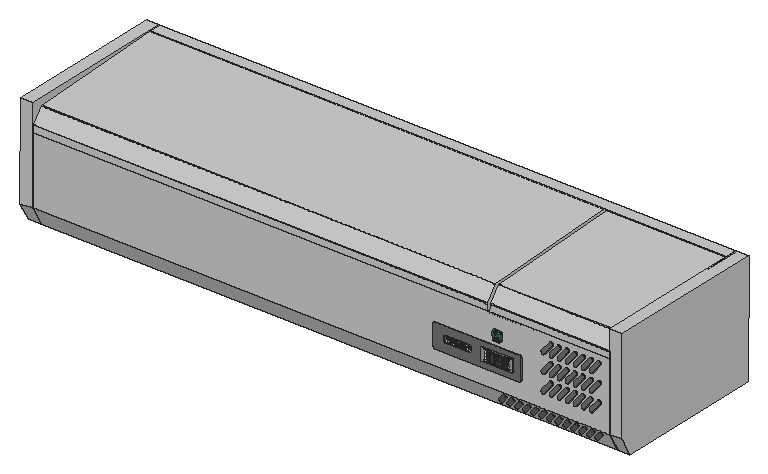
Revit family "QF_BLIZZARD_TOP1500EN", category Specialty Equipment, Revit 2016
Family settings
  Part Type = Normal
  Round Connector Dimension = Use Diameter
  OmniClass Number = 23.40.40.14
  OmniClass Title = Food Service Equipment
  Work Plane-Based = No
  Always vertical = Yes
  Cut with Voids When Loaded = No
  Shared = No
  Room Calculation Point = No
Parameters (values of type "TOP1500EN")
  URL = "www.blizzardequipment.com"
  Show Logo [instance] = yes
  Show Clearance [instance] = yes
  Model = "TOP1500EN"
  Manufacturer = "BLIZZARD"
  Description = "1/3 GASTRONORM PREP TOP WITH HINGED LID 1500MM"
  Assembly Code = "E1090320"
Reference planes
  plane 1 "Back": y = 0
  plane 2: z = 0
  plane 3 "Left": x = 0
  plane 4 "Right": x = 1500
  plane 5 "Front": y = -395
  plane 6 "Top": z = 281
Forms (mm)
  Extrusion 1, solid
    sketch origin (0, -4, -8) x (0, 1, 0) y (0, 0, 1)
      loop
        line (-391, 53) -> (-366, 8) -> (2.955, 8)
        arc (2.955, 8) -> (3.694, 8.306) -> (4, 9.045) r 1.045
        line (4, 9.045) -> (4, 289) -> (-391, 289) -> (-391, 53)
    from 0 to 30
  Extrusion 2, solid
    sketch origin (1470, -4, -8) x (0, 1, 0) y (0, 0, 1)
      loop
        line (-391, 53) -> (-366, 8) -> (2.955, 8)
        arc (2.955, 8) -> (3.694, 8.306) -> (4, 9.045) r 1.045
        line (4, 9.045) -> (4, 289) -> (-391, 289) -> (-391, 53)
    from 0 to 30
  Extrusion 3, solid
    sketch origin (-580, -4, -8) x (0, 1, 0) y (0, 0, 1)
      loop
        line (-391, 53) -> (-366, 8) -> (2.955, 8)
        arc (2.955, 8) -> (3.694, 8.306) -> (4, 9.045) r 1.045
        line (4, 9.045) -> (4, 289) -> (-26, 289) -> (-26, 38) -> (-348.348, 38) -> (-361, 60.774) -> (-361, 221.193) -> (-391, 221.193) -> (-391, 53)
    from 610 to 2050
  Extrusion 4, solid
    sketch origin (290, -393.5, -8.948) x (1, 0, 0) y (0, 0, 1)
      loop
        line (1030, 207.338) -> (1011.08, 183.441)
        arc (1011.08, 183.441) -> (1011.896, 176.418) -> (1018.92, 177.234) r 5
        line (1018.92, 177.234) -> (1037.84, 201.13)
        arc (1037.84, 201.13) -> (1037.024, 208.154) -> (1030, 207.338) r 5
      loop
        line (1050, 207.338) -> (1031.08, 183.441)
        arc (1031.08, 183.441) -> (1031.896, 176.418) -> (1038.92, 177.234) r 5
        line (1038.92, 177.234) -> (1057.84, 201.13)
        arc (1057.84, 201.13) -> (1057.024, 208.154) -> (1050, 207.338) r 5
      loop
        line (1070, 207.338) -> (1051.08, 183.441)
        arc (1051.08, 183.441) -> (1051.896, 176.418) -> (1058.92, 177.234) r 5
        line (1058.92, 177.234) -> (1077.84, 201.13)
        arc (1077.84, 201.13) -> (1077.024, 208.154) -> (1070, 207.338) r 5
      loop
        line (1090, 207.338) -> (1071.08, 183.441)
        arc (1071.08, 183.441) -> (1071.896, 176.418) -> (1078.92, 177.234) r 5
        line (1078.92, 177.234) -> (1097.84, 201.13)
        arc (1097.84, 201.13) -> (1097.024, 208.154) -> (1090, 207.338) r 5
      loop
        line (1110, 207.338) -> (1091.08, 183.441)
        arc (1091.08, 183.441) -> (1091.896, 176.418) -> (1098.92, 177.234) r 5
        line (1098.92, 177.234) -> (1117.84, 201.13)
        arc (1117.84, 201.13) -> (1117.024, 208.154) -> (1110, 207.338) r 5
      loop
        line (1130, 207.338) -> (1111.08, 183.441)
        arc (1111.08, 183.441) -> (1111.896, 176.418) -> (1118.92, 177.234) r 5
        line (1118.92, 177.234) -> (1137.84, 201.13)
        arc (1137.84, 201.13) -> (1137.024, 208.154) -> (1130, 207.338) r 5
      loop
        line (1150, 207.338) -> (1131.08, 183.441)
        arc (1131.08, 183.441) -> (1131.896, 176.418) -> (1138.92, 177.234) r 5
        line (1138.92, 177.234) -> (1157.84, 201.13)
        arc (1157.84, 201.13) -> (1157.024, 208.154) -> (1150, 207.338) r 5
      loop
        line (1030, 163.441) -> (1011.08, 139.545)
        arc (1011.08, 139.545) -> (1011.896, 132.521) -> (1018.92, 133.338) r 5
        line (1018.92, 133.338) -> (1037.84, 157.234)
        arc (1037.84, 157.234) -> (1037.024, 164.258) -> (1030, 163.441) r 5
      loop
        line (1050, 163.441) -> (1031.08, 139.545)
        arc (1031.08, 139.545) -> (1031.896, 132.521) -> (1038.92, 133.338) r 5
        line (1038.92, 133.338) -> (1057.84, 157.234)
        arc (1057.84, 157.234) -> (1057.024, 164.258) -> (1050, 163.441) r 5
      loop
        line (1070, 163.441) -> (1051.08, 139.545)
        arc (1051.08, 139.545) -> (1051.896, 132.521) -> (1058.92, 133.338) r 5
        line (1058.92, 133.338) -> (1077.84, 157.234)
        arc (1077.84, 157.234) -> (1077.024, 164.258) -> (1070, 163.441) r 5
      loop
        line (1090, 163.441) -> (1071.08, 139.545)
        arc (1071.08, 139.545) -> (1071.896, 132.521) -> (1078.92, 133.338) r 5
        line (1078.92, 133.338) -> (1097.84, 157.234)
        arc (1097.84, 157.234) -> (1097.024, 164.258) -> (1090, 163.441) r 5
      loop
        line (1110, 163.441) -> (1091.08, 139.545)
        arc (1091.08, 139.545) -> (1091.896, 132.521) -> (1098.92, 133.338) r 5
        line (1098.92, 133.338) -> (1117.84, 157.234)
        arc (1117.84, 157.234) -> (1117.024, 164.258) -> (1110, 163.441) r 5
      loop
        line (1130, 163.441) -> (1111.08, 139.545)
        arc (1111.08, 139.545) -> (1111.896, 132.521) -> (1118.92, 133.338) r 5
        line (1118.92, 133.338) -> (1137.84, 157.234)
        arc (1137.84, 157.234) -> (1137.024, 164.258) -> (1130, 163.441) r 5
      loop
        line (1150, 163.441) -> (1131.08, 139.545)
        arc (1131.08, 139.545) -> (1131.896, 132.521) -> (1138.92, 133.338) r 5
        line (1138.92, 133.338) -> (1157.84, 157.234)
        arc (1157.84, 157.234) -> (1157.024, 164.258) -> (1150, 163.441) r 5
      loop
        line (1030, 119.663) -> (1011.08, 95.767)
        arc (1011.08, 95.767) -> (1011.896, 88.743) -> (1018.92, 89.559) r 5
        line (1018.92, 89.559) -> (1037.84, 113.456)
        arc (1037.84, 113.456) -> (1037.024, 120.479) -> (1030, 119.663) r 5
      loop
        line (1050, 119.663) -> (1031.08, 95.767)
        arc (1031.08, 95.767) -> (1031.896, 88.743) -> (1038.92, 89.559) r 5
        line (1038.92, 89.559) -> (1057.84, 113.456)
        arc (1057.84, 113.456) -> (1057.024, 120.479) -> (1050, 119.663) r 5
      loop
        line (1070, 119.663) -> (1051.08, 95.767)
        arc (1051.08, 95.767) -> (1051.896, 88.743) -> (1058.92, 89.559) r 5
        line (1058.92, 89.559) -> (1077.84, 113.456)
        arc (1077.84, 113.456) -> (1077.024, 120.479) -> (1070, 119.663) r 5
      loop
        line (1090, 119.663) -> (1071.08, 95.767)
        arc (1071.08, 95.767) -> (1071.896, 88.743) -> (1078.92, 89.559) r 5
        line (1078.92, 89.559) -> (1097.84, 113.456)
        arc (1097.84, 113.456) -> (1097.024, 120.479) -> (1090, 119.663) r 5
      loop
        line (1110, 119.663) -> (1091.08, 95.767)
        arc (1091.08, 95.767) -> (1091.896, 88.743) -> (1098.92, 89.559) r 5
        line (1098.92, 89.559) -> (1117.84, 113.456)
        arc (1117.84, 113.456) -> (1117.024, 120.479) -> (1110, 119.663) r 5
      loop
        line (1130, 119.663) -> (1111.08, 95.767)
        arc (1111.08, 95.767) -> (1111.896, 88.743) -> (1118.92, 89.559) r 5
        line (1118.92, 89.559) -> (1137.84, 113.456)
        arc (1137.84, 113.456) -> (1137.024, 120.479) -> (1130, 119.663) r 5
      loop
        line (1150, 119.663) -> (1131.08, 95.767)
        arc (1131.08, 95.767) -> (1131.896, 88.743) -> (1138.92, 89.559) r 5
        line (1138.92, 89.559) -> (1157.84, 113.456)
        arc (1157.84, 113.456) -> (1157.024, 120.479) -> (1150, 119.663) r 5
    from 0 to 2
  Extrusion 5, solid
    sketch origin (1148, 205.936, 313.02) x (0, -0.34202, 0.939693) y (0, -0.939693, -0.34202)
      loop
        line (10.308, 247.326) -> (50.606, 232.659) -> (149.332, 555.577)
        arc (149.332, 555.577) -> (149.387, 556.194) -> (149.187, 556.781) r 1.501
        line (149.187, 556.781) -> (128.527, 591.598)
        arc (128.527, 591.598) -> (128.102, 592.105) -> (127.538, 592.449) r 2.032
        line (127.538, 592.449) -> (111.726, 598.838) -> (109.154, 591.772) -> (109.731, 567.639) -> (10.308, 247.326)
    from 24 to 322
  Extrusion 6, solid
    sketch origin (750.536, -393.5, -1719.361) x (1, 0, 0) y (0, 0, 1)
      loop
        arc (285, 1864.135) -> (281.464, 1862.671) -> (280, 1859.135) r 5
        line (280, 1859.135) -> (280, 1809.135)
        arc (280, 1809.135) -> (281.464, 1805.6) -> (285, 1804.135) r 5
        line (285, 1804.135) -> (494.464, 1804.135)
        arc (494.464, 1804.135) -> (498, 1805.6) -> (499.464, 1809.135) r 5
        line (499.464, 1809.135) -> (499.464, 1859.135)
        arc (499.464, 1859.135) -> (498, 1862.671) -> (494.464, 1864.135) r 5
        line (494.464, 1864.135) -> (285, 1864.135)
    from 0 to 2
  Extrusion 7, solid
    sketch origin (892.5, -393.5, -693.976) x (1, 0, 0) y (0, 0, 1)
      loop
        arc (260.5, 825) -> (258.379, 824.121) -> (257.5, 822) r 3
        line (257.5, 822) -> (257.5, 795.5)
        arc (257.5, 795.5) -> (258.379, 793.379) -> (260.5, 792.5) r 3
        line (260.5, 792.5) -> (334.5, 792.5)
        arc (334.5, 792.5) -> (336.621, 793.379) -> (337.5, 795.5) r 3
        line (337.5, 795.5) -> (337.5, 822)
        arc (337.5, 822) -> (336.621, 824.121) -> (334.5, 825) r 3
        line (334.5, 825) -> (260.5, 825)
    from 0 to 4
  Extrusion 8, solid
    sketch origin (892.5, -396.5, -683.976) x (1, 0, 0) y (0, 0, 1)
      loop
        arc (278, 812.5) -> (275.879, 811.621) -> (275, 809.5) r 3
        line (275, 809.5) -> (275, 788)
        arc (275, 788) -> (275.879, 785.879) -> (278, 785) r 3
        line (278, 785) -> (317, 785)
        arc (317, 785) -> (319.121, 785.879) -> (320, 788) r 3
        line (320, 788) -> (320, 809.5)
        arc (320, 809.5) -> (319.121, 811.621) -> (317, 812.5) r 3
        line (317, 812.5) -> (278, 812.5)
    from 0 to 2
  Extrusion 9, solid
    sketch origin (893.951, -397, -684.476) x (1, 0, 0) y (0, 0, 1)
      loop
        line (278.549, 800.5) -> (280.549, 800.5) -> (280.549, 809) -> (278.549, 809) -> (278.549, 800.5)
      loop
        line (278.549, 789) -> (280.549, 789) -> (280.549, 797) -> (278.549, 797) -> (278.549, 789)
      loop
        line (281.049, 811.5) -> (281.049, 809.5) -> (291.049, 809.5) -> (291.049, 811.5) -> (281.049, 811.5)
      loop
        line (293.549, 800.5) -> (293.549, 809) -> (291.549, 809) -> (291.549, 800.5) -> (293.549, 800.5)
      loop
        line (293.549, 789) -> (293.549, 797) -> (291.549, 797) -> (291.549, 789) -> (293.549, 789)
      loop
        line (281.049, 786.5) -> (291.049, 786.5) -> (291.049, 788.5) -> (281.049, 788.5) -> (281.049, 786.5)
      loop
        line (298.549, 800.5) -> (300.549, 800.5) -> (300.549, 809) -> (298.549, 809) -> (298.549, 800.5)
      loop
        line (301.049, 811.5) -> (301.049, 809.5) -> (311.049, 809.5) -> (311.049, 811.5) -> (301.049, 811.5)
      loop
        line (313.549, 800.5) -> (313.549, 809) -> (311.549, 809) -> (311.549, 800.5) -> (313.549, 800.5)
      loop
        line (313.549, 789) -> (313.549, 797) -> (311.549, 797) -> (311.549, 789) -> (313.549, 789)
      loop
        line (301.049, 798) -> (311.049, 798) -> (311.049, 800) -> (301.049, 800) -> (301.049, 798)
      loop
        line (301.049, 786.5) -> (311.049, 786.5) -> (311.049, 788.5) -> (301.049, 788.5) -> (301.049, 786.5)
      loop
        line (297.049, 786.5) -> (297.049, 788.5) -> (295.049, 788.5) -> (295.049, 786.5) -> (297.049, 786.5)
    from 0 to 2
  Extrusion 10, solid
    sketch origin (865.5, -396, -1688.976) x (1, 0, 0) y (0, 0, 1)
      loop
        arc (300, 1815) -> (299.121, 1817.121) -> (297, 1818) r 3
        line (297, 1818) -> (292, 1818) -> (292, 1816) -> (297, 1816)
        arc (297, 1816) -> (297.707, 1815.707) -> (298, 1815) r 1
        line (298, 1815) -> (298, 1811.5) -> (295, 1811.5) -> (295, 1809.5) -> (298, 1809.5) -> (298, 1805) -> (295, 1805) -> (295, 1803) -> (298, 1803) -> (298, 1798.5) -> (295, 1798.5) -> (295, 1796.5) -> (298, 1796.5) -> (298, 1793)
        arc (298, 1793) -> (297.707, 1792.293) -> (297, 1792) r 1
        line (297, 1792) -> (292, 1792) -> (292, 1790) -> (297, 1790)
        arc (297, 1790) -> (299.121, 1790.879) -> (300, 1793) r 3
        line (300, 1793) -> (300, 1815)
      loop
        line (349, 1815) -> (349, 1793)
        arc (349, 1793) -> (349.879, 1790.879) -> (352, 1790) r 3
        line (352, 1790) -> (357, 1790) -> (357, 1792) -> (352, 1792)
        arc (352, 1792) -> (351.293, 1792.293) -> (351, 1793) r 1
        line (351, 1793) -> (351, 1796.5) -> (354, 1796.5) -> (354, 1798.5) -> (351, 1798.5) -> (351, 1803) -> (354, 1803) -> (354, 1805) -> (351, 1805) -> (351, 1809.5) -> (354, 1809.5) -> (354, 1811.5) -> (351, 1811.5) -> (351, 1815)
        arc (351, 1815) -> (351.293, 1815.707) -> (352, 1816) r 1
        line (352, 1816) -> (357, 1816) -> (357, 1818) -> (352, 1818)
        arc (352, 1818) -> (349.879, 1817.121) -> (349, 1815) r 3
    from 0 to 2
  Extrusion 11, solid
    sketch origin (6, 205.936, 313.02) x (0, -0.34202, 0.939693) y (0, -0.939693, -0.34202)
      loop
        line (10.308, 247.326) -> (50.606, 232.659) -> (149.332, 555.577)
        arc (149.332, 555.577) -> (149.387, 556.194) -> (149.187, 556.781) r 1.501
        line (149.187, 556.781) -> (128.527, 591.598)
        arc (128.527, 591.598) -> (128.102, 592.105) -> (127.538, 592.449) r 2.032
        line (127.538, 592.449) -> (111.726, 598.838) -> (109.154, 591.772) -> (109.731, 567.639) -> (10.308, 247.326)
    from 24 to 1159
  Extrusion 12, solid
    sketch origin (290, -288.186, -144.176) x (1, 0, 0) y (0, -0.485643, 0.874157)
      loop
        line (1030, 207.338) -> (1011.08, 183.441)
        arc (1011.08, 183.441) -> (1011.896, 176.418) -> (1018.92, 177.234) r 5
        line (1018.92, 177.234) -> (1037.84, 201.13)
        arc (1037.84, 201.13) -> (1037.024, 208.154) -> (1030, 207.338) r 5
      loop
        line (1050, 207.338) -> (1031.08, 183.441)
        arc (1031.08, 183.441) -> (1031.896, 176.418) -> (1038.92, 177.234) r 5
        line (1038.92, 177.234) -> (1057.84, 201.13)
        arc (1057.84, 201.13) -> (1057.024, 208.154) -> (1050, 207.338) r 5
      loop
        line (1070, 207.338) -> (1051.08, 183.441)
        arc (1051.08, 183.441) -> (1051.896, 176.418) -> (1058.92, 177.234) r 5
        line (1058.92, 177.234) -> (1077.84, 201.13)
        arc (1077.84, 201.13) -> (1077.024, 208.154) -> (1070, 207.338) r 5
      loop
        line (1090, 207.338) -> (1071.08, 183.441)
        arc (1071.08, 183.441) -> (1071.896, 176.418) -> (1078.92, 177.234) r 5
        line (1078.92, 177.234) -> (1097.84, 201.13)
        arc (1097.84, 201.13) -> (1097.024, 208.154) -> (1090, 207.338) r 5
      loop
        line (1110, 207.338) -> (1091.08, 183.441)
        arc (1091.08, 183.441) -> (1091.896, 176.418) -> (1098.92, 177.234) r 5
        line (1098.92, 177.234) -> (1117.84, 201.13)
        arc (1117.84, 201.13) -> (1117.024, 208.154) -> (1110, 207.338) r 5
      loop
        line (1130, 207.338) -> (1111.08, 183.441)
        arc (1111.08, 183.441) -> (1111.896, 176.418) -> (1118.92, 177.234) r 5
        line (1118.92, 177.234) -> (1137.84, 201.13)
        arc (1137.84, 201.13) -> (1137.024, 208.154) -> (1130, 207.338) r 5
      loop
        line (1150, 207.338) -> (1131.08, 183.441)
        arc (1131.08, 183.441) -> (1131.896, 176.418) -> (1138.92, 177.234) r 5
        line (1138.92, 177.234) -> (1157.84, 201.13)
        arc (1157.84, 201.13) -> (1157.024, 208.154) -> (1150, 207.338) r 5
      loop
        line (910, 207.338) -> (891.08, 183.441)
        arc (891.08, 183.441) -> (891.896, 176.418) -> (898.92, 177.234) r 5
        line (898.92, 177.234) -> (917.84, 201.13)
        arc (917.84, 201.13) -> (917.024, 208.154) -> (910, 207.338) r 5
      loop
        line (930, 207.338) -> (911.08, 183.441)
        arc (911.08, 183.441) -> (911.896, 176.418) -> (918.92, 177.234) r 5
        line (918.92, 177.234) -> (937.84, 201.13)
        arc (937.84, 201.13) -> (937.024, 208.154) -> (930, 207.338) r 5
      loop
        line (950, 207.338) -> (931.08, 183.441)
        arc (931.08, 183.441) -> (931.896, 176.418) -> (938.92, 177.234) r 5
        line (938.92, 177.234) -> (957.84, 201.13)
        arc (957.84, 201.13) -> (957.024, 208.154) -> (950, 207.338) r 5
      loop
        line (970, 207.338) -> (951.08, 183.441)
        arc (951.08, 183.441) -> (951.896, 176.418) -> (958.92, 177.234) r 5
        line (958.92, 177.234) -> (977.84, 201.13)
        arc (977.84, 201.13) -> (977.024, 208.154) -> (970, 207.338) r 5
      loop
        line (990, 207.338) -> (971.08, 183.441)
        arc (971.08, 183.441) -> (971.896, 176.418) -> (978.92, 177.234) r 5
        line (978.92, 177.234) -> (997.84, 201.13)
        arc (997.84, 201.13) -> (997.024, 208.154) -> (990, 207.338) r 5
      loop
        line (1010, 207.338) -> (991.08, 183.441)
        arc (991.08, 183.441) -> (991.896, 176.418) -> (998.92, 177.234) r 5
        line (998.92, 177.234) -> (1017.84, 201.13)
        arc (1017.84, 201.13) -> (1017.024, 208.154) -> (1010, 207.338) r 5
    from 0 to 2
  Extrusion 13, solid
    sketch origin (1182.5, -384.999, -637.226) x (1, 0, 0) y (0, 0, 1)
      loop
        arc (3, 815) -> (0.879, 814.121) -> (0, 812) r 3
        line (0, 812) -> (0, 798)
        arc (0, 798) -> (0.879, 795.879) -> (3, 795) r 3
        line (3, 795) -> (12, 795)
        arc (12, 795) -> (14.121, 795.879) -> (15, 798) r 3
        line (15, 798) -> (15, 812)
        arc (15, 812) -> (14.121, 814.121) -> (12, 815) r 3
        line (12, 815) -> (3, 815)
    from 9.001 to 20
  Extrusion 14, void
    sketch origin (1180, 255.001, -637.226) x (0, 1, 0) y (0, 0, 1)
      loop
        line (-659.545, 817.359) -> (-661.721, 817.359) -> (-661.721, 793) -> (-653.921, 793) -> (-659.545, 817.359)
    from 0 to 20
  Extrusion 15, solid
    sketch origin (1182.5, -393, -637.226) x (1, 0, 0) y (0, 0, 1)
      loop
        arc (3, 818) -> (-1.243, 816.243) -> (-3, 812) r 6
        line (-3, 812) -> (-3, 798)
        arc (-3, 798) -> (-1.243, 793.757) -> (3, 792) r 6
        line (3, 792) -> (12, 792)
        arc (12, 792) -> (16.243, 793.757) -> (18, 798) r 6
        line (18, 798) -> (18, 812)
        arc (18, 812) -> (16.243, 816.243) -> (12, 818) r 6
        line (12, 818) -> (3, 818)
    from 0 to 4
  Extrusion 16, solid
    sketch origin (820.219, -220.033, -612.402) x (1, 0, 0) y (0, -0.224951, 0.97437)
      loop
        line (368.781, 810.281) -> (368.781, 805.281) -> (370.781, 805.281) -> (370.781, 810.281) -> (368.781, 810.281)
    from 0 to 2
  Extrusion 17, solid
    sketch origin (820.219, -216.884, -626.044) x (1, 0, 0) y (0, -0.224951, 0.97437)
      loop
        circle (369.781, 809.781) r 2.5
      loop
        circle (369.781, 809.781) r 3.5
    from 0 to 2
  Extrusion 18, solid, visible <- "Show Logo"
    sketch origin (1032.91, -393.7, -23.209) x (1, 0, 0) y (0, 0, 1)
      loop
        line (30.3, 133.137) -> (36.162, 133.137)
        arc (36.162, 133.137) -> (39.122, 134.994) -> (38.048, 138.319) r 2.844
        arc (38.048, 138.319) -> (38.838, 141.267) -> (36.338, 143.017) r 2.66
        line (36.338, 143.017) -> (31.338, 143.017) -> (30.3, 133.137)
      loop
        line (33.066, 135.126) -> (35.993, 135.126)
        arc (35.993, 135.126) -> (36.943, 136.076) -> (35.993, 137.026) r 0.95
        line (35.993, 137.026) -> (33.066, 137.026) -> (33.066, 135.126)
      loop
        line (33.528, 139.285) -> (36.147, 139.285)
        arc (36.147, 139.285) -> (36.994, 140.133) -> (36.147, 140.98) r 0.847
        line (36.147, 140.98) -> (33.528, 140.98) -> (33.528, 139.285)
      loop
        line (40.306, 133.137) -> (42.874, 133.137) -> (43.912, 143.017) -> (41.344, 143.017) -> (40.306, 133.137)
      loop
        line (45.174, 140.98) -> (47.749, 140.98) -> (47.964, 143.017) -> (45.389, 143.017) -> (45.174, 140.98)
      loop
        line (45.104, 140.313) -> (44.35, 133.137) -> (46.671, 133.137) -> (47.425, 140.313) -> (45.104, 140.313)
      loop
        line (48.314, 138.359) -> (51.196, 138.359) -> (47.765, 134.548) -> (47.765, 133.137) -> (54.184, 133.137) -> (54.393, 135.126) -> (51.213, 135.126) -> (54.657, 138.952) -> (54.657, 140.313) -> (48.519, 140.313) -> (48.314, 138.359)
      loop
        line (55.213, 138.359) -> (58.095, 138.359) -> (54.664, 134.548) -> (54.664, 133.137) -> (61.084, 133.137) -> (61.293, 135.126) -> (58.112, 135.126) -> (61.557, 138.952) -> (61.557, 140.313) -> (55.419, 140.313) -> (55.213, 138.359)
      loop
        arc (64.816, 137.983) -> (65.785, 138.952) -> (66.753, 137.983) r 0.969
        line (66.753, 137.983) -> (64.711, 137.436)
        arc (64.711, 137.436) -> (62.642, 134.297) -> (66.342, 133.633) r 2.251
        line (66.342, 133.633) -> (66.77, 132.921) -> (69.168, 132.921) -> (68.641, 134.052) -> (69.084, 138.274)
        arc (69.084, 138.274) -> (65.782, 140.567) -> (62.514, 138.225) r 3.488
        line (62.514, 138.225) -> (64.816, 137.983)
      loop
        line (69.848, 133.137) -> (72.232, 133.137) -> (72.59, 136.546)
        arc (72.59, 136.546) -> (73.413, 137.974) -> (75.025, 138.32) r 2.029
        line (75.025, 138.32) -> (75.83, 140.313)
        arc (75.83, 140.313) -> (74.279, 140.541) -> (72.927, 139.749) r 2.362
        line (72.927, 139.749) -> (72.927, 140.627) -> (70.635, 140.627) -> (69.848, 133.137)
      loop
        line (82.596, 133.137) -> (83.635, 143.017) -> (81.373, 143.017) -> (81.031, 139.764)
        arc (81.031, 139.764) -> (75.402, 137.124) -> (80.359, 133.372) r 3.631
        line (80.359, 133.372) -> (82.596, 133.137)
      loop
        spline (78.956, 134.82) -> (79.32, 134.851) -> (79.675, 135.016) -> (79.994, 135.304) -> (80.258, 135.695) -> (80.446, 136.164) -> (80.548, 136.677) -> (80.555, 137.2) -> (80.468, 137.697) -> (80.292, 138.134) -> (80.039, 138.483) -> (79.727, 138.718) -> (79.376, 138.823)
        spline (79.376, 138.823) -> (79.011, 138.793) -> (78.657, 138.628) -> (78.338, 138.34) -> (78.074, 137.948) -> (77.886, 137.48) -> (77.784, 136.967) -> (77.777, 136.444) -> (77.864, 135.947) -> (78.04, 135.509) -> (78.293, 135.161) -> (78.605, 134.926) -> (78.956, 134.82)
      loop
        line (66.385, 136.28) -> (64.729, 135.958)
        arc (64.729, 135.958) -> (64.361, 135.233) -> (65.042, 134.788) r 0.609
        arc (65.042, 134.788) -> (66.068, 135.215) -> (66.385, 136.28) r 1.295
      loop
        line (85.459, 146.184) -> (29.578, 146.184)
        arc (29.578, 146.184) -> (25.494, 144.492) -> (23.802, 140.407) r 5.777
        line (23.802, 140.407) -> (23.802, 135.662)
        arc (23.802, 135.662) -> (25.494, 131.578) -> (29.578, 129.886) r 5.777
        line (29.578, 129.886) -> (85.459, 129.886)
        arc (85.459, 129.886) -> (89.544, 131.578) -> (91.236, 135.662) r 5.777
        line (91.236, 135.662) -> (91.236, 140.407)
        arc (91.236, 140.407) -> (89.544, 144.492) -> (85.459, 146.184) r 5.777
      loop
        line (85.459, 145.184) -> (29.578, 145.184)
        arc (29.578, 145.184) -> (26.201, 143.785) -> (24.802, 140.407) r 4.777
        line (24.802, 140.407) -> (24.802, 135.662)
        arc (24.802, 135.662) -> (26.201, 132.285) -> (29.578, 130.886) r 4.777
        line (29.578, 130.886) -> (85.459, 130.886)
        arc (85.459, 130.886) -> (88.837, 132.285) -> (90.236, 135.662) r 4.777
        line (90.236, 135.662) -> (90.236, 140.407)
        arc (90.236, 140.407) -> (88.837, 143.785) -> (85.459, 145.184) r 4.777
    from 0 to 2
  Extrusion 19, solid, visible <- "Show Clearance", detail levels coarse
    sketch origin (0, 0, -3.144) x (0, 1, 0) y (0, 0, 1)
      loop
        line (-30, 284.144) -> (-30, 649.144)
        arc (-30, 649.144) -> (-294.85, 535.329) -> (-395, 265.016) r 365.761
        line (-395, 265.016) -> (-30, 284.144)
    from 30 to 1165
  Extrusion 20, solid, visible <- "Show Clearance", detail levels coarse
    sketch origin (605, 0, -3.144) x (0, 1, 0) y (0, 0, 1)
      loop
        line (-30, 284.144) -> (-30, 649.144)
        arc (-30, 649.144) -> (-294.85, 535.329) -> (-395, 265.016) r 365.761
        line (-395, 265.016) -> (-30, 284.144)
    from 567 to 865
Cuts and joins
  Extrusion 14 cuts Extrusion 13
Lines and regions (mm)
  symbolic lines, style "200-EquipBorder-2D"
    curve 1: line (0, 0, 0) -> (1500, 0, 0)
    curve 2: line (0, -395, 0) -> (0, 0, 0)
    curve 3: line (1500, -395, 0) -> (0, -395, 0)
    curve 4: line (1500, 0, 0) -> (1500, -395, 0)
  symbolic lines, style "200-EquipInternal-2D"
    curve 5: line (30, -30, 0) -> (30, -395.461, 0)
    curve 6: line (1470, -30, 0) -> (30, -30, 0)
    curve 7: line (1470, -395.461, 0) -> (1470, -30, 0)
    curve 8: line (1165, -395.461, 0) -> (1165, -30, 0)
    curve 9: line (1172, -30, 0) -> (1172, -395.461, 0)
Dimensions and locks
  plane 3 "Left" to plane 4 "Right" = 1500 mm
  plane 5 "Front" to plane 1 "Back" = 395 mm
  plane 6 "Top" to level = 281 mm  (x2)
  plane 1 "Back" to plane 5 "Front" = 395 mm
  plane 4 "Right" to plane 3 "Left" = 1500 mm
  aligned and locked: level to plane 2
